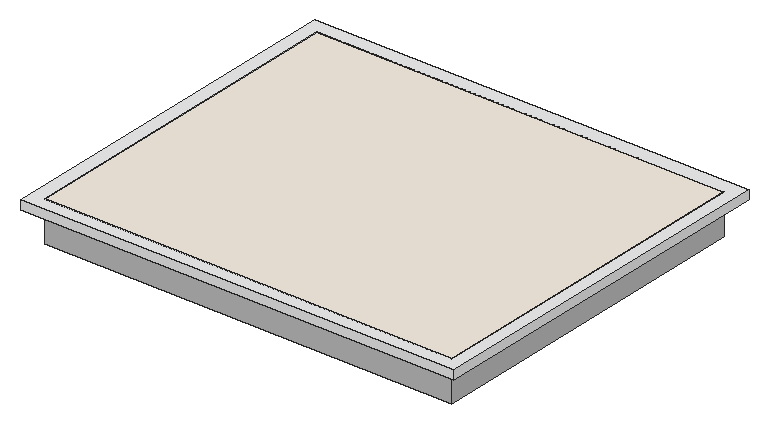
Revit family "Lighting-Industrial-GEWISS-ELIA-HL-LED_HIGHBAY", category Apparecchi per illuminazione, host Superficie, Revit 2019 (continued)
Types (12, lengths in mm): name | Weight (kg): | Weight (kg) | Voltage | Technical sheet | System power | Optic | built-in parameter 1150142 | Lumen output (lm) | Model | IDT | File diagramma fotometrico | Description
    30.64 \r\n7322.77 7109.83 6898.58 6698.31 6504.81 6320.60 6143.15 \r\n5968.23 5795.85 5622.63 5451.09 5282.94 5119.01 4960.99 \r\n4808.89 4659.33 4513.99 4372.03 4232.60 4094.87 3959.67 \r\n3827.85 3699.41 3574.35 3452.67 3330.99 3211.00 3095.23 \r\n2981.16 2869.62 2761.46 2653.30 2550.21 2453.88 2361.77 \r\n2275.59 2193.62 2113.34 2036.45 1962.09 1891.11 1821.82 \r\n1755.06 1691.35 1629.24 1568.83 1510.01 1452.13 1395.69 \r\n1341.01 1288.20 1236.91 1187.56 1140.50 1095.29 1051.94 \r\n1010.03 968.88 929.75 894.18 860.89 829.11 798.44 767.77 \r\n738.11 710.14 683.44 657.58 632.57 607.89 583.98 560.32 \r\n538.26 518.83 501.42 486.89 472.27 453.93 435.17 418.87 \r\n402.90 385.49 368.76 354.82 341.80 328.20 315.02 302.51 \r\n290.26 277.50 264.99 252.91 242.35 235.92 230.01 221.47 \r\n212.35 204.83 196.38 183.96 170.86 159.50 148.38 136.70 \r\n124.56 111.76 98.47 84.50 70.78 58.21 46.68 36.33 27.25 \r\n19.49 13.18 8.57 5.38 3.41 2.74 \r\n12448.54 12446.85 12441.78 12435.02 12424.88 12411.36 \r\n12396.15 12380.09 12359.81 12337.00 12310.81 12282.07 \r\n12250.81 12216.16 12180.67 12142.65 12102.93 12062.37 \r\n12019.28 11974.49 11929.71 11881.54 11832.53 11779.30 \r\n11723.53 11666.91 11606.92 11545.23 11480.17 11410.88 \r\n11339.06 11265.54 11190.33 11112.59 11031.47 10949.51 \r\n10865.85 10781.35 10694.32 10607.28 10517.72 10425.61 \r\n10330.13 10232.10 10129.01 10021.70 9908.47 9788.48 \r\n9664.26 9534.13 9400.63 9264.58 9124.31 8978.97 8826.87 \r\n8667.16 8497.32 8317.33 8129.74 7936.24 7735.13 7530.64 \r\n7323.61 7109.83 6898.58 6697.47 6503.97 6318.91 6139.77 \r\n5964.01 5791.63 5617.56 5446.02 5277.02 5112.25 4955.08 \r\n4802.98 4654.26 4509.77 4368.65 4230.91 4093.18 3958.82 \r\n3827.85 3700.25 3575.19 3451.82 3329.30 3210.15 3091.85 \r\n2976.93 2864.55 2755.55 2646.54 2540.91 2443.74 2352.48 \r\n2266.29 2184.32 2104.05 2028.00 1954.48 1882.66 1814.21 \r\n1748.30 1684.34 1622.57 1562.15 1503.17 1445.03 1388.59 \r\n1334.51 1282.29 1231.67 1182.83 1135.93 1090.81 1047.63 \r\n1005.89 964.82 925.70 890.38 857.25 825.73 795.23 764.64 \r\n735.07 707.26 680.56 654.71 629.44 605.10 581.28 557.53 \r\n535.39 516.55 499.73 485.20 470.50 451.99 433.40 417.68 \r\n402.30 384.56 367.41 353.38 340.45 326.93 313.83 301.41 \r\n289.16 276.31 263.72 251.56 241.16 235.16 229.67 220.71 \r\n211.17 203.90 195.62 183.28 170.01 158.76 147.77 136.30 \r\n124.35 111.63 98.37 84.36 70.61 58.09 46.60 36.25 27.15 \r\n19.38 13.10 8.52 5.36 3.41 2.74 \r\n12448.54 12446.85 12441.78 12435.02 12424.88 12411.36 \r\n12397.84 12380.09 12359.81 12337.00 12311.65 12282.92 \r\n12250.81 12217.01 12181.52 12142.65 12102.93 12062.37 \r\n12019.28 11975.34 11929.71 11882.39 11832.53 11780.99 \r\n11725.22 11668.60 11608.61 11546.92 11482.70 11412.57 \r\n11341.59 11267.23 11192.02 11113.44 11032.32 10950.35 \r\n10867.54 10782.20 10696.01 10608.97 10519.41 10427.30 \r\n10331.81 10233.79 10130.70 10023.39 9911.00 9791.86 \r\n9666.80 9536.67 9403.16 9266.27 9126.00 8979.82 8827.72 \r\n8666.32 8496.47 8318.18 8130.59 7936.24 7735.97 7532.33 \r\n7324.46 7110.67 6898.58 6696.62 6502.27 6316.37 6135.55 \r\n5960.63 5787.40 5613.33 5440.95 5271.95 5106.33 4949.16 \r\n4797.06 4650.03 4506.38 4365.27 4227.53 4091.49 3957.98 \r\n3828.69 3700.25 3575.19 3450.98 3330.14 3208.46 3090.16 \r\n2972.71 2861.17 2750.47 2639.78 2533.31 2434.45 2343.18 \r\n2256.99 2175.03 2095.60 2020.39 1946.03 1875.05 1806.61 \r\n1741.54 1677.58 1616.15 1555.81 1496.66 1438.36 1381.83 \r\n1328.26 1276.71 1226.77 1178.44 1131.62 1086.59 1043.57 \r\n1002.09 960.93 921.98 886.83 854.04 822.52 792.10 761.68 \r\n732.11 704.48 677.94 651.92 626.74 602.32 578.74 554.91 \r\n532.86 514.44 498.04 483.51 468.72 450.30 431.63 416.58 \r\n401.71 383.63 365.97 352.03 339.18 325.83 312.65 300.40 \r\n288.06 275.22 262.71 250.46 240.06 234.57 229.33 220.04 \r\n210.07 202.88 194.94 182.52 169.34 158.13 147.26 135.98 \r\n124.21 111.57 98.34 84.30 70.50 58.01 46.58 36.20 27.06 \r\n19.30 13.02 8.47 5.35 3.41 2.73 \r\n12448.54 12446.85 12441.78 12435.02 12424.88 12412.20 \r\n12397.84 12380.09 12359.81 12337.84 12311.65 12282.92 \r\n12251.65 12217.01 12181.52 12142.65 12103.78 12062.37 \r\n12019.28 11975.34 11929.71 11883.23 11834.22 11781.83 \r\n11726.91 11670.29 11611.14 11549.46 11483.55 11414.26 \r\n11342.43 11268.92 11192.87 11114.28 11034.01 10952.04 \r\n10868.39 10783.04 10696.85 10610.66 10521.09 10428.99 \r\n10333.50 10235.48 10132.39 10025.08 9912.69 9794.39 \r\n9669.33 9538.36 9404.85 9267.96 9127.69 8980.66 8827.72 \r\n8665.47 8495.63 8317.33 8130.59 7936.24 7735.13 7532.33 \r\n7324.46 7110.67 6898.58 6695.78 6501.43 6314.68 6133.01 \r\n5958.09 5784.02 5609.11 5436.73 5266.88 5102.11 4944.94 \r\n4792.84 4645.81 4503.85 4362.73 4225.85 4090.64 3957.98 \r\n3828.69 3701.10 3576.04 3451.82 3329.30 3207.62 3087.63 \r\n2970.17 2856.95 2745.40 2633.86 2525.70 2426.84 2334.73 \r\n2248.55 2167.42 2088.84 2012.79 1939.27 1867.45 1799.85 \r\n1734.78 1671.49 1610.40 1549.90 1490.66 1432.19 1375.66 \r\n1322.51 1271.64 1222.21 1174.30 1127.74 1082.87 1040.03 \r\n998.54 957.55 918.51 883.62 851.00 819.73 789.40 758.98 \r\n729.49 701.94 675.49 649.47 624.20 599.87 576.37 552.63 \r\n530.58 512.58 496.61 482.16 467.20 448.69 430.10 415.57 \r\n401.12 382.87 364.79 350.76 338.08 324.73 311.64 299.47 \r\n287.22 274.29 261.61 249.44 239.22 233.98 229.16 219.45 \r\n209.05 202.04 194.27 182.01 168.75 157.63 146.85 135.73 \r\n124.13 111.57 98.37 84.29 70.45 57.99 46.57 36.17 26.98 \r\n19.22 12.95 8.43 5.34 3.41 2.73 \r\n12448.54 12446.85 12442.62 12435.02 12424.88 12412.20 \r\n12397.84 12380.94 12360.66 12337.84 12311.65 12282.92 \r\n12251.65 12217.01 12181.52 12142.65 12103.78 12061.53 \r\n12019.28 11975.34 11930.56 11883.23 11835.07 11782.68 \r\n11728.60 11671.14 11611.99 11550.31 11486.08 11416.79 \r\n11344.12 11269.76 11193.72 11115.13 11034.01 10952.89 \r\n10869.23 10784.73 10697.70 10610.66 10521.94 10428.99 \r\n10334.35 10235.48 10133.24 10026.77 9914.38 9795.24 \r\n9671.02 9540.05 9404.85 9268.81 9127.69 8980.66 8827.72 \r\n8664.63 8493.94 8315.64 8129.74 7936.24 7735.97 7532.33 \r\n7324.46 7110.67 6898.58 6695.78 6499.74 6312.99 6130.47 \r\n5954.72 5781.49 5606.57 5433.35 5262.66 5097.88 4940.72 \r\n4790.30 4643.27 4501.31 4361.05 4225.00 4089.80 3957.98 \r\n3829.54 3701.94 3576.04 3451.82 3328.45 3208.46 3086.78 \r\n2967.64 2853.56 2742.02 2628.80 2519.79 2420.08 2327.13 \r\n2242.63 2161.51 2082.08 2006.87 1932.51 1861.53 1793.93 \r\n1728.87 1666.26 1605.33 1544.83 1485.43 1426.78 1370.34 \r\n1317.61 1267.25 1218.24 1170.83 1124.36 1079.57 1036.90 \r\n995.66 954.68 915.73 880.91 848.46 817.28 786.95 756.70 \r\n727.29 699.83 673.46 647.35 622.00 597.84 574.43 550.69 \r\n528.72 511.06 495.42 480.89 465.93 447.26 428.75 414.73 \r\n400.78 382.19 363.77 349.75 337.15 323.89 310.96 298.54 \r\n286.45 273.53 260.77 248.60 238.37 233.56 229.00 219.02 \r\n208.38 201.36 193.84 181.51 168.31 157.25 146.57 135.59 \r\n124.11 111.62 98.45 84.33 70.45 58.00 46.60 36.16 26.94 \r\n19.16 12.90 8.40 5.33 3.41 2.73 \r\n12448.54 12446.85 12443.47 12435.02 12424.88 12413.05 \r\n12397.84 12380.94 12360.66 12337.00 12311.65 12282.92 \r\n12250.81 12217.01 12181.52 12142.65 12103.78 12061.53 \r\n12019.28 11975.34 11929.71 11884.08 11835.07 11782.68 \r\n11728.60 11672.83 11613.68 11551.15 11486.93 11417.64 \r\n11344.97 11270.61 11194.56 11115.13 11034.01 10952.89 \r\n10870.08 10783.89 10697.70 10611.51 10523.63 10430.68 \r\n10334.35 10236.33 10133.24 10026.77 9915.23 9796.93 \r\n9671.87 9540.05 9406.54 9269.65 9127.69 8980.66 8826.87 \r\n8664.63 8492.25 8314.80 8130.59 7934.55 7735.13 7532.33 \r\n7324.46 7109.83 6898.58 6695.78 6499.74 6312.15 6129.63 \r\n5953.87 5779.80 5604.04 5431.66 5260.97 5095.35 4938.18 \r\n4787.77 4640.74 4498.78 4360.20 4223.31 4089.80 3957.98 \r\n3829.54 3702.79 3577.73 3452.67 3329.30 3207.62 3085.94 \r\n2965.95 2851.03 2739.49 2624.57 2514.72 2415.01 2322.06 \r\n2237.56 2156.44 2077.01 2002.65 1928.29 1857.31 1789.71 \r\n1723.80 1662.11 1601.44 1540.94 1481.29 1422.47 1366.03 \r\n1313.64 1263.78 1215.28 1168.13 1121.82 1077.04 1034.45 \r\n993.38 952.31 913.44 878.80 846.52 815.42 785.17 754.92 \r\n725.52 698.14 671.94 645.75 620.23 596.23 572.91 549.25 \r\n527.28 509.87 494.49 479.96 464.92 446.16 427.74 414.05 \r\n400.36 381.60 363.01 348.98 336.48 323.30 310.28 297.95 \r\n285.78 272.77 260.09 247.92 237.78 233.22 229.00 218.69 \r\n207.70 200.94 193.50 181.17 168.02 157.02 146.40 135.52 \r\n124.15 111.71 98.56 84.42 70.49 58.05 46.66 36.17 26.90 \r\n19.11 12.86 8.38 5.33 3.41 2.73 \r\n" | "16900" | "GWF1000MH840" | "e84e08c7-dd42-4062-b0b8-05eedc6d5434" | "GWF1000MH840.IES" | "ELIA HL M2 60° 4000K S.ALONE ON/OFF"
